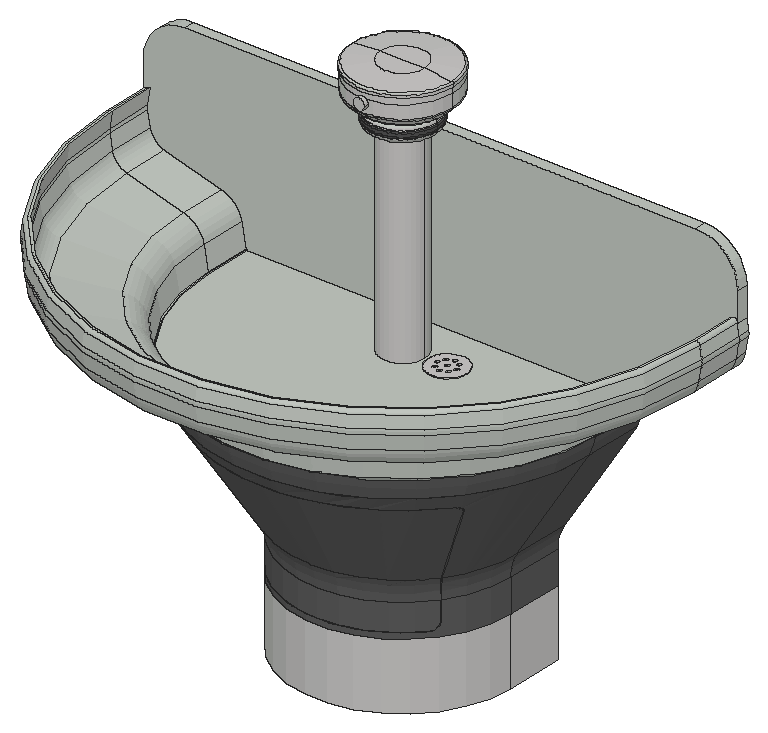
Revit family "Washfountain_Lavatory-Bradley_Corp-TDB3104-Type_A_Drain", category Plumbing Fixtures, Revit 2012 (continued)
Automatic sketch dimensions
  Masking region 20 sketch curve to Masking region 20 sketch curve = 0.9992"
  Masking region 20 sketch curve to Masking region 20 sketch curve = 0.05503"
  Masking region 10 sketch curve to curve 76 = 0.000"
  curve 76 to Masking region 10 sketch curve = 0.06766"
  curve 76 to Masking region 10 sketch curve = 0.24582"
  Masking region 10 sketch curve to Masking region 10 sketch curve = 4.00418"
  Masking region 10 sketch curve to Masking region 10 sketch curve = 1.93551"
  Masking region 10 sketch curve to Masking region 10 sketch curve = 2.26828"
  Masking region 10 sketch curve to Masking region 10 sketch curve = 1.96371"
  Masking region 10 sketch curve to Masking region 10 sketch curve = 0.06777"
  Masking region 10 sketch curve to Masking region 10 sketch curve = 0.05262"
  Masking region 10 sketch curve to Masking region 10 sketch curve = 0.05237"
  Masking region 10 sketch curve to Masking region 10 sketch curve = 0.04824"
  curve 76 to Masking region 10 sketch curve = 0.37547"
  Masking region 10 sketch curve to Masking region 10 sketch curve = 0.1256"
  Masking region 10 sketch curve to curve 76 = 6.000"
  Masking region 10 sketch curve to Masking region 10 sketch curve = 1.14812"
  Masking region 10 sketch curve to Masking region 10 sketch curve = 0.60673"
  Masking region 10 sketch curve to Masking region 10 sketch curve = 1.250"  (x3)
  Masking region 10 sketch curve to Masking region 10 sketch curve = 0.62453"
  Revolve 21 sketch curve to curve 93 = 0.000"
  curve 93 to Revolve 21 sketch curve = 2.34747"
  curve 93 to Revolve 21 sketch curve = 17.3806"
  Revolve 21 sketch curve to Revolve 21 sketch curve = 0.8244"
  curve 93 to Revolve 21 sketch curve = 4.14039"
  Revolve 21 sketch curve to Revolve 21 sketch curve = 0.6261"
  curve 93 to Revolve 21 sketch curve = 3.69531"
  Revolve 21 sketch curve to Revolve 21 sketch curve = 0.44508"
  Revolve 21 sketch curve to Revolve 21 sketch curve = 0.46258"
  Revolve 21 sketch curve to Revolve 21 sketch curve = 2.66242"
  Revolve 21 sketch curve to Revolve 21 sketch curve = 0.000"  (x2)
  Revolve 21 sketch curve to Revolve 21 sketch curve = 0.05225"
  Revolve 21 sketch curve to Revolve 21 sketch curve = 0.49985"
  Revolve 21 sketch curve to Revolve 21 sketch curve = 0.64475"
  curve 93 to Revolve 22 sketch curve = 0.33431"
  curve 93 to Revolve 22 sketch curve = 17.3806"
  Revolve 22 sketch curve to Revolve 22 sketch curve = 0.0755"
  curve 93 to Revolve 22 sketch curve = 0.19977"
  Revolve 22 sketch curve to Revolve 22 sketch curve = 0.12394"
  curve 93 to Revolve 22 sketch curve = 2.4951"
  Revolve 22 sketch curve to Revolve 22 sketch curve = 0.07322"  (x2)
  Revolve 22 sketch curve to Revolve 22 sketch curve = 0.17678"  (x2)
  Revolve 22 sketch curve to Revolve 22 sketch curve = 0.60355"
  Revolve 22 sketch curve to Revolve 22 sketch curve = 0.52145"
  Revolve 22 sketch curve to Revolve 22 sketch curve = 0.090"  (x2)
  Revolve 22 sketch curve to Revolve 22 sketch curve = 0.00375"  (x2)
  Revolve 22 sketch curve to Revolve 22 sketch curve = 0.345"  (x2)
  Revolve 22 sketch curve to curve 93 = 0.00105"
  Revolve 22 sketch curve to Revolve 22 sketch curve = 2.44356"
  Revolve 22 sketch curve to Revolve 22 sketch curve = 2.008"
  Revolve 22 sketch curve to Revolve 22 sketch curve = 0.000"  (x2)
  Revolve 22 sketch curve to Revolve 22 sketch curve = 0.59145"
  Revolve 22 sketch curve to Revolve 22 sketch curve = 0.11758"
  Revolve 22 sketch curve to Revolve 22 sketch curve = 0.3125"
  Revolve 22 sketch curve to Revolve 22 sketch curve = 0.10008"
  Revolve 22 sketch curve to Revolve 22 sketch curve = 0.780"
  Revolve 22 sketch curve to Revolve 22 sketch curve = 0.23564"
  Revolve 22 sketch curve to Revolve 22 sketch curve = 1.250"
  curve 78 to Extrusion 24 sketch curve = 17.88289"
  Extrusion 24 sketch curve to Extrusion 24 sketch curve = 0.30809"  (x2)
  Extrusion 24 sketch curve to Extrusion 24 sketch curve = 11.61805"
  Masking region 12 sketch curve to curve 76 = 0.000"
  curve 76 to Masking region 12 sketch curve = 0.06766"
  curve 76 to Masking region 12 sketch curve = 0.24582"
  Masking region 12 sketch curve to Masking region 12 sketch curve = 4.00418"
  Masking region 12 sketch curve to Masking region 12 sketch curve = 3.89922"
  Masking region 12 sketch curve to Masking region 12 sketch curve = 0.36971"
  curve 76 to Masking region 12 sketch curve = 6.000"
  Masking region 12 sketch curve to curve 76 = 6.000"
  Masking region 12 sketch curve to curve 76 = 8.336"
  Revolve 26 sketch curve to plane 3 "Center (Left/Right)" = 0.000"  (x2)
  Revolve 26 sketch curve to plane 3 "Center (Left/Right)" = 5.80902"
  Revolve 26 sketch curve to Revolve 26 sketch curve = 0.30809"
  plane 8 "Sensor Module" to Revolve 26 sketch curve = 1.125"
  plane 7 "Soap Dispenser" to Revolve 26 sketch curve = 2.000"
  Masking region 13 sketch curve to curve 78 = 0.000"
  curve 78 to Masking region 13 sketch curve = 17.82127"
  Masking region 13 sketch curve to Masking region 13 sketch curve = 0.36971"  (x2)
  Masking region 13 sketch curve to Masking region 13 sketch curve = 3.80902"  (x2)
  Masking region 13 sketch curve to Masking region 13 sketch curve = 4.000"
  Masking region 13 sketch curve to Masking region 13 sketch curve = 2.336"
  curve 78 to Masking region 14 sketch curve = 0.0051"
  curve 78 to Masking region 14 sketch curve = 1.000"
  Masking region 14 sketch curve to Masking region 14 sketch curve = 0.12469"
  Masking region 14 sketch curve to Masking region 14 sketch curve = 0.04799"  (x2)
  Masking region 14 sketch curve to Masking region 14 sketch curve = 0.05262"  (x4)
  Masking region 14 sketch curve to Masking region 14 sketch curve = 0.06777"  (x2)
  Masking region 14 sketch curve to Masking region 14 sketch curve = 1.97625"
  Masking region 14 sketch curve to Masking region 14 sketch curve = 1.96945"
  Masking region 14 sketch curve to Masking region 14 sketch curve = 1.83957"
  Masking region 14 sketch curve to Masking region 14 sketch curve = 4.000"
  Masking region 14 sketch curve to Masking region 14 sketch curve = 1.85542"
  Masking region 14 sketch curve to Masking region 14 sketch curve = 2.18569"
  Masking region 14 sketch curve to Masking region 14 sketch curve = 1.9536"
  Masking region 14 sketch curve to Masking region 14 sketch curve = 0.1256"
  Masking region 14 sketch curve to Masking region 14 sketch curve = 0.64327"
  curve 78 to Masking region 14 sketch curve = 1.64327"
  Masking region 14 sketch curve to Masking region 14 sketch curve = 1.250"  (x6)
  Masking region 14 sketch curve to Masking region 14 sketch curve = 0.60673"  (x2)
  Masking region 14 sketch curve to Masking region 14 sketch curve = 0.69646"
  Masking region 14 sketch curve to Masking region 14 sketch curve = 1.19222"
  Masking region 14 sketch curve to Masking region 14 sketch curve = 1.63954"
  Masking region 14 sketch curve to Masking region 14 sketch curve = 0.64012"
  curve 78 to curve 86 = 0.375"
  curve 78 to curve 86 = 17.84438"
  curve 86 to curve 87 = 0.1256"
  curve 87 to curve 88 = 0.04799"
  curve 88 to curve 89 = 0.05262"
  curve 89 to curve 90 = 0.05262"
  curve 90 to curve 91 = 0.06777"
  curve 91 to curve 92 = 3.80902"
  curve 92 to curve 92 = 4.000"
  curve 92 to curve 91 = 3.82464"
  curve 91 to curve 90 = 0.05216"
  curve 90 to curve 89 = 0.05262"
  curve 89 to curve 88 = 0.05262"
  curve 88 to curve 87 = 0.04799"
  curve 87 to curve 86 = 0.1256"
  curve 87 to curve 86 = 0.625"
  curve 88 to curve 87 = 0.64327"
  curve 89 to curve 88 = 1.250"
  curve 90 to curve 89 = 1.250"
  curve 91 to curve 90 = 1.250"
  curve 92 to curve 91 = 0.60673"
  curve 117 to curve 123 = 6.03209"
  curve 117 to curve 123 = 0.1374"
  curve 122 to curve 120 = 1.91103"
  curve 118 to plane 11 "Pedestal Height" = 4.11066"
  curve 120 to curve 121 = 3.37372"
  curve 121 to curve 118 = 0.4143"
  curve 123 to curve 118 = 0.32395"
  curve 122 to curve 118 = 8.23389"
  curve 121 to curve 122 = 1.64456"
  curve 121 to curve 121 = 0.15272"
  curve 75 to curve 126 = 14.06648"
  curve 38 to curve 37 = 0.48269"
  curve 28 to curve 32 = 2.97915"
  curve 32 to curve 32 = 3.28041"
  plane 3 "Center (Left/Right)" to curve 36 = 7.33372"
  curve 128 to curve 87 = 0.08709"
  curve 87 to curve 129 = 0.08709"
  Extrusion 18 sketch curve to Extrusion 18 sketch curve = 2.250"
  curve 26 to Extrusion 18 = 0.000"  (x3)
  curve 130 to Extrusion 18 = 2.60156"
  curve 130 to curve 130 = 1.000"
  Extrusion 18 to curve 130 = 1.95703"
  curve 27 to Extrusion 19 = 0.000"  (x3)
  curve 131 to Extrusion 19 = 2.60156"
  curve 131 to curve 131 = 1.000"
  Extrusion 19 to curve 131 = 1.95703"
  curve 115 to curve 125 = 0.750"
  curve 115 to curve 116 = 13.81241"
  curve 115 to curve 116 = 13.97075"
  curve 116 to curve 125 = 7.08673"
  curve 115 to curve 116 = 13.19587"
  curve 116 to curve 116 = 0.80228"
  curve 132 to curve 116 = 3.000"
  Extrusion 27 sketch curve to plane 3 "Center (Left/Right)" = 0.000"
  plane 1 "Center (Front/Back)" to Extrusion 27 sketch curve = 5.250"
  Masking region 21 sketch curve to plane 1 "Center (Front/Back)" = 0.000"
  Masking region 21 sketch curve to plane 3 "Center (Left/Right)" = 0.000"
  Masking region 21 sketch curve to plane 5 "Right" = 0.0193"
  Masking region 21 sketch curve to Masking region 21 sketch curve = 5.250"
  Masking region 22 sketch curve to plane 3 "Center (Left/Right)" = 0.000"
  plane 1 "Center (Front/Back)" to Masking region 22 sketch curve = 0.6745"
  Masking region 22 sketch curve to Masking region 22 sketch curve = 4.5755"
  Masking region 23 sketch curve to plane 3 "Center (Left/Right)" = 3.52868"
  Masking region 23 sketch curve to plane 3 "Center (Left/Right)" = 9.02868"
  Masking region 23 sketch curve to plane 3 "Center (Left/Right)" = 0.06458"
  Masking region 23 sketch curve to Masking region 23 sketch curve = 2.000"  (x3)
  plane 3 "Center (Left/Right)" to Masking region 23 sketch curve = 0.06458"
  plane 3 "Center (Left/Right)" to Masking region 23 sketch curve = 3.52868"
  plane 1 "Center (Front/Back)" to Masking region 23 sketch curve = 2.11186"  (x2)
  Masking region 23 sketch curve to Masking region 23 sketch curve = 3.4641"
  Masking region 23 sketch curve to Masking region 23 sketch curve = 3.57574"
  Masking region 23 sketch curve to Masking region 23 sketch curve = 0.11164"  (x2)
  Masking region 23 sketch curve to plane 3 "Center (Left/Right)" = 0.000"
  plane 1 "Center (Front/Back)" to Masking region 23 sketch curve = 5.250"
  plane 1 "Center (Front/Back)" to Masking region 23 sketch curve = 2.04741"
  curve 151 to plane 3 "Center (Left/Right)" = 1.58013"
  plane 1 "Center (Front/Back)" to curve 151 = 2.98686"
  curve 151 to plane 3 "Center (Left/Right)" = 7.08013"
  curve 151 to curve 151 = 9.52628"
  curve 152 to plane 3 "Center (Left/Right)" = 0.06458"
  plane 1 "Center (Front/Back)" to curve 152 = 2.11186"
  curve 152 to curve 151 = 1.51554"
  curve 152 to curve 151 = 0.875"
  plane 3 "Center (Left/Right)" to curve 153 = 0.06458"
  plane 1 "Center (Front/Back)" to curve 153 = 2.11186"
  plane 3 "Center (Left/Right)" to curve 153 = 5.56458"
  curve 153 to curve 152 = 0.000"
  plane 1 "Center (Front/Back)" to curve 154 = 2.98686"
  curve 154 to curve 153 = 1.51554"
  plane 3 "Center (Left/Right)" to curve 154 = 1.58013"
  curve 153 to curve 154 = 0.875"
  Masking region 24 sketch curve to plane 3 "Center (Left/Right)" = 6.17873"
  plane 1 "Center (Front/Back)" to Masking region 24 sketch curve = 3.06766"
  Masking region 24 sketch curve to plane 3 "Center (Left/Right)" = 0.000"
  Masking region 24 sketch curve to Masking region 24 sketch curve = 2.27254"
  plane 1 "Center (Front/Back)" to curve 155 = 3.06766"
  curve 155 to curve 155 = 2.27254"
  curve 156 to plane 3 "Center (Left/Right)" = 0.000"
  curve 156 to curve 156 = 4.17808"
  curve 157 to curve 156 = 2.27254"
  Masking region 15 sketch curve to curve 93 = 0.000"
  curve 93 to Masking region 15 sketch curve = 17.3806"
  Masking region 15 sketch curve to Masking region 15 sketch curve = 0.8244"  (x3)
  curve 93 to Masking region 15 sketch curve = 4.64024"
  Masking region 15 sketch curve to Masking region 15 sketch curve = 0.6261"  (x2)
  curve 93 to Masking region 15 sketch curve = 3.69531"  (x2)
  Masking region 15 sketch curve to Masking region 15 sketch curve = 0.44508"  (x2)
  Masking region 15 sketch curve to Masking region 15 sketch curve = 0.46258"
  curve 93 to Masking region 15 sketch curve = 5.10281"
  Masking region 15 sketch curve to Masking region 15 sketch curve = 0.67992"  (x2)
  Masking region 15 sketch curve to Masking region 15 sketch curve = 4.000"
  Masking region 15 sketch curve to Masking region 15 sketch curve = 0.66242"
  curve 93 to Masking region 15 sketch curve = 4.14039"
  curve 93 to Masking region 15 sketch curve = 2.34747"
  Masking region 15 sketch curve to Masking region 15 sketch curve = 0.49985"  (x2)
  Masking region 15 sketch curve to Masking region 15 sketch curve = 0.96851"
  Masking region 15 sketch curve to Masking region 15 sketch curve = 0.52344"
  curve 93 to Masking region 25 sketch curve = 19.9561"
  Masking region 25 sketch curve to Masking region 25 sketch curve = 4.000"
  curve 93 to Masking region 25 sketch curve = 13.414"
  Masking region 25 sketch curve to Masking region 25 sketch curve = 8.31119"
  Masking region 26 sketch curve to plane 9 "Spray Head" = 1.40781"
  plane 1 "Center (Front/Back)" to Masking region 26 sketch curve = 7.250"
  plane 1 "Center (Front/Back)" to Masking region 26 sketch curve = 3.250"
  Masking region 26 sketch curve to Masking region 26 sketch curve = 8.31119"
  curve 78 to Extrusion 23 sketch curve = 0.375"  (x2)
  curve 78 to Extrusion 23 sketch curve = 17.84438"
  Extrusion 23 sketch curve to Extrusion 23 sketch curve = 0.1256"  (x2)
  Extrusion 23 sketch curve to Extrusion 23 sketch curve = 0.04799"  (x2)
  Extrusion 23 sketch curve to Extrusion 23 sketch curve = 0.05262"  (x4)
  Extrusion 23 sketch curve to Extrusion 23 sketch curve = 0.06777"  (x2)
  Extrusion 23 sketch curve to curve 78 = 0.000"
  Extrusion 23 sketch curve to Extrusion 23 sketch curve = 1.97754"
  Extrusion 23 sketch curve to Extrusion 23 sketch curve = 2.0248"  (x2)
  Extrusion 23 sketch curve to Extrusion 23 sketch curve = 7.56845"
  Extrusion 23 sketch curve to Extrusion 23 sketch curve = 0.39386"
  Extrusion 23 sketch curve to Extrusion 23 sketch curve = 0.60673"  (x2)
  Extrusion 23 sketch curve to Extrusion 23 sketch curve = 1.250"  (x6)
  Extrusion 23 sketch curve to Extrusion 23 sketch curve = 0.625"
  Extrusion 23 sketch curve to Extrusion 23 sketch curve = 0.64327"
  curve 163 to plane 13 = 0.000"
  curve 78 to plane 1 "Center (Front/Back)" = 0.000"
  curve 78 to plane 4 "Left" = 0.000"
  curve 163 to plane 4 "Left" = 0.000"
  plane 4 "Left" to curve 78 = 3.000"
  curve 163 to curve 163 = 5.000"
  curve 76 to curve 163 = 2.3402"
  Revolve 25 sketch curve to curve 163 = 0.000"
  curve 163 to Revolve 25 sketch curve = 15.84438"
  Revolve 25 sketch curve to Revolve 25 sketch curve = 0.1256"
  Revolve 25 sketch curve to Revolve 25 sketch curve = 0.04799"
  Revolve 25 sketch curve to Revolve 25 sketch curve = 0.05262"  (x2)
  Revolve 25 sketch curve to Revolve 25 sketch curve = 0.06777"
  Revolve 25 sketch curve to Revolve 25 sketch curve = 1.97754"
  Revolve 25 sketch curve to Revolve 25 sketch curve = 2.0248"
  Revolve 25 sketch curve to Revolve 25 sketch curve = 4.17808"
  Revolve 25 sketch curve to Revolve 25 sketch curve = 0.000"
  Revolve 25 sketch curve to Revolve 25 sketch curve = 4.31808"
  Revolve 25 sketch curve to Revolve 25 sketch curve = 0.60673"
  Revolve 25 sketch curve to Revolve 25 sketch curve = 1.250"  (x2)
  Revolve 25 sketch curve to Revolve 25 sketch curve = 0.64327"
  Revolve 25 sketch curve to curve 163 = 3.000"
  curve 123 to curve 123 = 0.88737"
  curve 121 to curve 119 = 0.80829"
  curve 76 to curve 79 = 0.06766"
  curve 76 to curve 84 = 0.06766"
  curve 76 to curve 80 = 0.06766"
  curve 76 to curve 83 = 0.06766"
  curve 76 to curve 81 = 0.06766"
  curve 76 to curve 82 = 0.06766"
  curve 76 to curve 85 = 0.24582"
  curve 85 to curve 85 = 4.00418"
  curve 85 to curve 84 = 3.89922"
  curve 84 to curve 83 = 0.06777"
  curve 83 to curve 82 = 0.05262"
  curve 82 to curve 81 = 0.05237"
  curve 81 to curve 79 = 0.13532"
  curve 79 to curve 80 = 0.03851"
  curve 85 to curve 76 = 6.000"
  curve 85 to curve 84 = 0.60673"
  curve 84 to curve 83 = 1.250"
  curve 83 to curve 82 = 1.250"
  curve 82 to curve 81 = 1.250"
  curve 79 to curve 76 = 1.000"
  curve 76 to curve 80 = 0.37547"
  curve 75 to curve 126 = 13.80112"
  curve 126 to curve 126 = 6.43074"
  curve 75 to curve 126 = 11.80099"
  curve 126 to curve 126 = 0.51104"
  curve 70 to curve 74 = 0.000"
  curve 71 to curve 74 = 0.000"
  curve 74 to curve 70 = 16.43542"
  curve 70 to curve 72 = 3.56458"
  curve 72 to curve 73 = 4.000"
  curve 73 to curve 71 = 3.56458"
  curve 72 to curve 72 = 12.56207"
  curve 73 to curve 71 = 1.1875"
  curve 72 to curve 70 = 1.1875"
  curve 164 to curve 74 = 0.000"
  curve 165 to curve 74 = 0.000"
  curve 166 to curve 72 = 0.000"
  curve 72 to curve 164 = 0.000"
  curve 73 to curve 167 = 0.000"
  curve 165 to curve 73 = 0.000"
  curve 165 to curve 73 = 0.500"
  curve 70 to curve 171 = 1.06293"
  curve 169 to curve 168 = 0.500"
  curve 167 to curve 167 = 0.6875"
  curve 166 to curve 166 = 0.6875"
  Extrusion 28 sketch curve to plane 3 "Center (Left/Right)" = 5.45295"
  Extrusion 28 sketch curve to plane 3 "Center (Left/Right)" = 0.06458"
  plane 1 "Center (Front/Back)" to Extrusion 28 sketch curve = 2.11186"  (x2)
  Extrusion 28 sketch curve to Extrusion 28 sketch curve = 0.11164"  (x2)
  plane 3 "Center (Left/Right)" to Extrusion 28 sketch curve = 0.06458"
  plane 1 "Center (Front/Back)" to Extrusion 28 sketch curve = 2.04741"
  Extrusion 28 sketch curve to plane 3 "Center (Left/Right)" = 0.000"
  Extrusion 28 sketch curve to plane 13 = 0.0902"
  Extrusion 28 sketch curve to Extrusion 28 sketch curve = 2.000"
  Masking region 6 sketch curve to curve 23 = 0.000"  (x2)
  curve 23 to Masking region 6 sketch curve = 1.375"  (x2)
  Masking region 6 sketch curve to curve 23 = 27.16612"
  Masking region 6 sketch curve to Masking region 6 sketch curve = 1.94856"  (x2)
  Masking region 6 sketch curve to Masking region 6 sketch curve = 3.4641"
  Masking region 6 sketch curve to Masking region 6 sketch curve = 3.56458"  (x2)
  Masking region 6 sketch curve to Masking region 6 sketch curve = 4.000"  (x2)
  Masking region 6 sketch curve to curve 23 = 14.625"
  Masking region 6 sketch curve to Masking region 6 sketch curve = 13.250"
  Masking region 6 sketch curve to Masking region 6 sketch curve = 0.6875"
  Masking region 6 sketch curve to Masking region 6 sketch curve = 0.000"
  Masking region 6 sketch curve to Masking region 6 sketch curve = 1.000"
  Masking region 6 sketch curve to Masking region 6 sketch curve = 5.08013"  (x2)
  Masking region 6 sketch curve to curve 23 = 4.396"
  Masking region 11 sketch curve to curve 77 = 0.000"  (x2)
  curve 77 to Masking region 11 sketch curve = 2.11186"
  Masking region 11 sketch curve to curve 77 = 1.750"
  curve 77 to Masking region 11 sketch curve = 2.250"  (x2)
  Masking region 11 sketch curve to Masking region 11 sketch curve = 5.26314"
  Masking region 11 sketch curve to curve 77 = 1.375"
  Masking region 11 sketch curve to Masking region 11 sketch curve = 1.125"
  Masking region 11 sketch curve to curve 77 = 4.396"
  curve 77 to Masking region 11 sketch curve = 14.625"
  Masking region 11 sketch curve to Masking region 11 sketch curve = 0.6875"
  curve 77 to Masking region 11 sketch curve = 15.3125"
  Masking region 11 sketch curve to Masking region 11 sketch curve = 1.13814"
  Masking region 11 sketch curve to Masking region 11 sketch curve = 1.000"
  Masking region 11 sketch curve to Masking region 11 sketch curve = 2.000"
  curve 55 to curve 41 = 0.000"
  curve 42 to curve 41 = 1.375"
  curve 41 to curve 42 = 15.10875"
  curve 45 to curve 68 = 0.000"
  curve 42 to curve 64 = 0.97689"
  curve 65 to curve 64 = 0.000"  (x2)
  curve 42 to curve 56 = 1.19195"
  curve 56 to curve 57 = 0.55422"
  curve 58 to curve 41 = 0.28075"
  curve 57 to curve 58 = 0.55422"
  curve 58 to curve 57 = 0.10867"
  curve 45 to curve 68 = 2.750"
  curve 59 to curve 68 = 0.41612"
  curve 59 to curve 59 = 0.10867"
  curve 59 to curve 59 = 0.55422"  (x2)
  curve 58 to curve 55 = 0.72769"
  curve 44 to curve 54 = 1.52868"
  curve 55 to curve 43 = 0.41987"
  curve 54 to curve 46 = 1.93542"
  curve 47 to curve 48 = 0.12917"
  curve 48 to curve 51 = 1.51554"
  curve 51 to curve 55 = 0.41987"
  curve 48 to curve 54 = 1.93542"
  curve 55 to curve 61 = 0.6198"
  curve 61 to curve 61 = 0.10868"
  curve 61 to curve 61 = 0.55428"
  curve 54 to curve 49 = 1.52868"
  curve 69 to curve 60 = 0.30835"
  curve 69 to curve 67 = 0.97815"
  curve 66 to curve 67 = 0.000"  (x2)
  curve 49 to curve 69 = 2.750"
  curve 63 to curve 41 = 0.28109"
  curve 69 to curve 63 = 0.45004"
  curve 63 to curve 63 = 0.55428"  (x2)
  curve 63 to curve 63 = 0.10868"
  curve 69 to curve 53 = 2.750"
  curve 58 to curve 57 = 0.04026"
  curve 61 to curve 61 = 0.04027"
  curve 62 to curve 69 = 1.09391"
  curve 69 to curve 67 = 2.59985"
  curve 42 to curve 64 = 2.60219"
  curve 66 to curve 66 = 2.000"
  curve 67 to curve 66 = 0.000"
  curve 64 to curve 65 = 2.000"
  curve 64 to curve 65 = 0.000"
  curve 66 to curve 69 = 6.90015"
  curve 64 to curve 68 = 7.14781"
  curve 69 to curve 49 = 1.750"
  curve 68 to curve 45 = 1.500"
  curve 49 to curve 49 = 0.6875"
  curve 136 to curve 77 = 0.000"
  curve 77 to curve 133 = 2.11186"
  curve 136 to curve 77 = 2.01314"
  curve 133 to curve 144 = 1.13814"
  curve 134 to curve 77 = 0.88814"
  curve 141 to curve 77 = 0.8822"
  curve 141 to curve 142 = 0.39728"
  curve 141 to curve 77 = 0.16493"
  curve 77 to curve 140 = 0.15505"
  curve 77 to curve 139 = 0.8067"
  curve 77 to curve 144 = 2.250"
  curve 144 to curve 138 = 1.625"
  curve 142 to curve 77 = 0.28075"
  curve 142 to curve 138 = 2.19381"
  curve 143 to curve 143 = 0.31998"  (x2)
  curve 143 to curve 143 = 0.39728"
  curve 138 to curve 134 = 4.76314"
  curve 141 to curve 141 = 0.17192"
  curve 143 to curve 137 = 0.48399"
  curve 77 to curve 139 = 3.97656"
  curve 77 to curve 139 = 4.97656"
  curve 77 to curve 138 = 12.875"
  curve 138 to curve 134 = 1.750"
  curve 133 to curve 144 = 0.6875"
  curve 133 to curve 144 = 0.000"
  curve 127 to plane 10 "Rim Height" = 0.000"
  curve 146 to plane 3 "Center (Left/Right)" = 0.000"
  curve 161 to plane 3 "Center (Left/Right)" = 0.000"
  plane 11 "Pedestal Height" to curve 146 = 1.2109"  (x2)
  curve 146 to plane 5 "Right" = 7.26529"
  curve 161 to curve 146 = 0.15796"
  curve 127 to plane 5 "Right" = 0.19211"
  plane 4 "Left" to curve 127 = 0.19211"
  curve 146 to curve 162 = 2.89551"
  curve 161 to curve 146 = 142.79964"
  curve 117 to plane 12 = 10.9722"
  curve 122 to curve 123 = 1.80577"
  plane 13 to Masking region 9 sketch curve = 9.6598"
  Masking region 9 sketch curve to plane 12 = 10.10815"
  plane 7 "Soap Dispenser" to curve 161 = 99.72413"
  Extrusion 8 sketch curve to plane 3 "Center (Left/Right)" = 0.000"
  Extrusion 8 sketch curve to plane 13 = 0.0902"
  plane 4 "Left" to Extrusion 8 sketch curve = 9.50758"
  Extrusion 8 sketch curve to plane 13 = 0.09385"
  plane 3 "Center (Left/Right)" to Extrusion 8 sketch curve = 4.000"
  plane 1 "Center (Front/Back)" to Extrusion 8 sketch curve = 0.99695"
  curve 148 to curve 159 = 0.000"  (x2)
  curve 172 to curve 173 = 0.000"  (x2)
  curve 172 to curve 174 = 0.000"  (x2)
  curve 148 to plane 3 "Center (Left/Right)" = 0.000"
  curve 172 to plane 13 = 0.09385"
  curve 160 to plane 13 = 0.0902"
  curve 160 to plane 5 "Right" = 10.57205"
  curve 150 to plane 5 "Right" = 0.5193"
  curve 147 to plane 5 "Right" = 0.0193"
  plane 4 "Left" to curve 147 = 0.0193"
  plane 1 "Center (Front/Back)" to curve 149 = 0.99695"
  curve 177 to plane 13 = 0.09385"
  curve 181 to plane 13 = 0.09385"
  plane 3 "Center (Left/Right)" to curve 177 = 4.87771"
  curve 177 to curve 178 = 0.25708"
  curve 177 to curve 176 = 0.25708"
  curve 176 to curve 172 = 0.62063"
  curve 176 to curve 175 = 0.62063"
  curve 178 to curve 179 = 0.62063"
  curve 179 to curve 180 = 0.62063"
  curve 175 to curve 182 = 0.62063"
  curve 182 to curve 181 = 0.25708"
  curve 175 to curve 172 = 0.87771"
  curve 176 to curve 177 = 0.62063"
  curve 182 to curve 181 = 0.62063"
  plane 13 to curve 178 = 0.52678"
  plane 13 to curve 180 = 0.52678"
  curve 180 to curve 179 = 0.25708"
  Split face 3 sketch curve to cut or joined group of Extrusion 23, Revolve 25 = 0.000"  (x3)
  Revolve 31 sketch curve to curve 163 = 0.000"
  Revolve 31 sketch curve to Revolve 31 sketch curve = 0.000"
  curve 163 to Revolve 31 sketch curve = 1.000"
  Revolve 31 sketch curve to Revolve 31 sketch curve = 6.11711"
  Revolve 31 sketch curve to Revolve 31 sketch curve = 0.06162"
  Revolve 31 sketch curve to Revolve 31 sketch curve = 1.09645"
  Revolve 31 sketch curve to curve 163 = 1.30227"
  Extrusion 32 sketch curve to curve 163 = 0.000"
  curve 163 to Extrusion 32 sketch curve = 15.82127"
  Extrusion 32 sketch curve to Extrusion 32 sketch curve = 0.06162"  (x2)
  Extrusion 32 sketch curve to Extrusion 32 sketch curve = 12.23423"
  curve 93 to Extrusion 33 sketch curve = 1.45871"
  curve 93 to Extrusion 33 sketch curve = 21.9561"
  curve 93 to Extrusion 34 sketch curve = 1.45871"
  curve 93 to Extrusion 34 sketch curve = 21.9561"
  curve 104 to Masking region 27 sketch curve = 0.95871"
  Masking region 27 sketch curve to curve 104 = 4.91915"
  Masking region 27 sketch curve to Masking region 27 sketch curve = 0.34365"
  Masking region 27 sketch curve to Masking region 27 sketch curve = 1.000"
  curve 104 to Masking region 28 sketch curve = 1.20871"
  Masking region 28 sketch curve to curve 104 = 4.5755"
  Masking region 28 sketch curve to Masking region 28 sketch curve = 0.0755"
  Masking region 28 sketch curve to Masking region 28 sketch curve = 0.500"
  curve 104 to plane 4 "Left" = 0.000"
  curve 93 to plane 13 = 0.0902"
  plane 4 "Left" to curve 93 = 5.0439"
  curve 183 to plane 3 "Center (Left/Right)" = 4.221"
  plane 3 "Center (Left/Right)" to curve 183 = 4.779"
  plane 1 "Center (Front/Back)" to curve 104 = 1.250"
  plane 12 to curve 183 = 12.16265"
  curve 183 to curve 184 = 1.45871"
  curve 183 to curve 184 = 4.221"
  curve 185 to plane 3 "Center (Left/Right)" = 0.000"
  curve 185 to plane 13 = 0.0902"
  plane 3 "Center (Left/Right)" to Extrusion 30 sketch curve = 1.500"
  plane 3 "Center (Left/Right)" to Extrusion 30 sketch curve = 0.500"
  Extrusion 30 sketch curve to plane 11 "Pedestal Height" = 11.500"
  Extrusion 30 sketch curve to Extrusion 30 sketch curve = 3.000"
  Extrusion 30 sketch curve to Extrusion 30 sketch curve = 2.000"
  curve 93 to curve 94 = 2.34747"
  curve 93 to curve 94 = 17.3806"
  curve 93 to curve 95 = 0.56995"
  curve 94 to curve 95 = 0.0755"
  curve 94 to curve 100 = 1.4505"
  curve 101 to curve 100 = 0.000"
  curve 100 to curve 99 = 0.090"
  curve 101 to curve 98 = 0.090"
  curve 98 to curve 97 = 1.035"
  curve 96 to curve 97 = 0.000"  (x2)
  curve 97 to curve 97 = 4.000"
  curve 97 to curve 98 = 1.035"
  curve 99 to curve 98 = 0.000"
  curve 99 to curve 103 = 0.090"
  curve 98 to curve 102 = 0.090"
  curve 96 to curve 95 = 2.500"
  curve 95 to curve 94 = 0.0755"
  curve 96 to curve 94 = 0.8244"
  curve 97 to curve 96 = 0.52344"
  curve 101 to curve 97 = 0.44508"
  curve 99 to curve 98 = 0.49985"
  curve 124 to plane 1 "Center (Front/Back)" = 0.000"
  curve 145 to plane 6 "Towel Dispenser" = 0.000"
  curve 145 to plane 13 = 2.0902"
  plane 13 to curve 145 = 1.9098"
  curve 111 to plane 9 "Spray Head" = 0.44508"
  plane 13 to curve 111 = 2.9448"
  curve 111 to curve 111 = 0.090"
  plane 13 to curve 124 = 9.6598"
  level to curve 124 = 6.020"
  radius of Extrusion 14 sketch curve to Extrusion 8 = 0.000"
  radius of Extrusion 14 sketch curve to Extrusion 8 = 1.5658"
  radius of Extrusion 14 sketch curve = 0.1842"  (x8)
  radius of curve 22 to Extrusion 14 = 0.40649"
  radius of Extrusion 15 sketch curve = 2.000"
  radius of Extrusion 17 sketch curve = 2.000"
  radius of Extrusion 27 sketch curve = 2.000"
  radius of Extrusion 8 sketch curve = 1.750"
  radius of curve 172 = 1.750"
  radius of curve 173 = 1.34351"
  radius of curve 174 = 0.1842"
  radius of curve 182 = 0.1842"
  radius of curve 175 = 0.1842"
  radius of curve 176 = 0.1842"
  radius of curve 177 = 0.1842"
  radius of curve 178 = 0.1842"
  radius of curve 179 = 0.1842"
  radius of curve 180 = 0.1842"
  radius of curve 181 = 0.1842"
  radius of Extrusion 33 sketch curve = 0.500"
  radius of Extrusion 34 sketch curve = 0.250"
  radius of curve 184 = 0.500"
  radius of curve 185 = 3.750"
Connectors (in)
  piping at (-7.625, 0, 12), driven by "Hot Lavatory Inlet Primary Radius", driven by "HWFU"
    settings: on Extrusion 30, index 1, connector radius 1/2", flow factor 0, pipe flow 0.0 GPM, pressure drop 0.0 psi, fitting loss kfactor 0, connector angle 0.00°, fixture units 0, engagement length 0.000", flow configuration 3, flow direction 1, fitting loss method 0, system type 19, joint type 0, gender type 0, connector reference index -1, connector utility 0, adjustable connector no, is connector primary yes, fitting loss table "", connector description "Hot Lavatory Inlet Primary"
  piping at (7.625, 0, 12), driven by "Cold Lavatory Inlet Primary Radius", driven by "CWFU"
    settings: on Extrusion 30, index 2, connector radius 1/2", flow factor 0, pipe flow 0.0 GPM, pressure drop 0.0 psi, fitting loss kfactor 0, connector angle 0.00°, fixture units 0, engagement length 0.000", flow configuration 3, flow direction 1, fitting loss method 0, system type 20, joint type 0, gender type 0, connector reference index -1, connector utility 0, adjustable connector no, is connector primary no, fitting loss table "", connector description "Cold Lavatory Inlet Primary"
  piping at (4, 0, 13.25), driven by "Drain Primary Radius", driven by "WFU"
    settings: on Extrusion 36, index 3, connector radius 1", flow factor 0, pipe flow 0.0 GPM, pressure drop 0.0 psi, fitting loss kfactor 0, connector angle 0.00°, fixture units 0, engagement length 0.000", flow configuration 3, flow direction 2, fitting loss method 0, system type 16, joint type 0, gender type 0, connector reference index -1, connector utility 0, adjustable connector yes, is connector primary no, fitting loss table "", connector description "Drain Primary"
  piping at (-7.625, -2, 0), driven by "Hot Lavatory Inlet Secondary Radius", driven by "HWFU"
    settings: on Extrusion 29, index 4, connector radius 1/2", flow factor 0, pipe flow 0.0 GPM, pressure drop 0.0 psi, fitting loss kfactor 0, connector angle 0.00°, fixture units 0, engagement length 0.000", flow configuration 3, flow direction 1, fitting loss method 0, system type 19, joint type 0, gender type 0, connector reference index -1, connector utility 0, adjustable connector no, is connector primary no, fitting loss table "", connector description "Hot Lavatory Inlet Secondary"
  piping at (7.625, -2, 0), driven by "Cold Lavatory Inlet Secondary Radius", driven by "CWFU"
    settings: on Extrusion 29, index 5, connector radius 1/2", flow factor 0, pipe flow 0.0 GPM, pressure drop 0.0 psi, fitting loss kfactor 0, connector angle 0.00°, fixture units 0, engagement length 0.000", flow configuration 3, flow direction 1, fitting loss method 0, system type 20, joint type 0, gender type 0, connector reference index -1, connector utility 0, adjustable connector no, is connector primary no, fitting loss table "", connector description "Cold Lavatory Inlet Secondary"
  piping at (4, -5.25, 0), driven by "Drain Secondary Radius", driven by "WFU"
    settings: on Extrusion 35, index 6, connector radius 1", flow factor 0, pipe flow 0.0 GPM, pressure drop 0.0 psi, fitting loss kfactor 0, connector angle 0.00°, fixture units 0, engagement length 0.000", flow configuration 3, flow direction 2, fitting loss method 0, system type 16, joint type 0, gender type 0, connector reference index -1, connector utility 0, adjustable connector yes, is connector primary no, fitting loss table "", connector description "Drain Secondary"
  electrical at (1, 0, 8), driven by "Voltage"
    settings: on Extrusion 30, index 7, voltage 110 V, apparent load 0 VA, apparent load phase1 0 VA, apparent load phase2 0 VA, apparent load phase3 0 VA, power factor 1, load classification "Other", number of poles 1, system type 31, power factor state 1, is connector primary yes, connector utility no, sub classification motor no, connector description ""
Types (3): name | Towel Dispenser Height | Standard Height | Spray Head Height | Soap Dispenser Height | Sensor Module Height | Rim Height | Model ID | Juvenile Height
  (no name) | 51.810" | yes | 43.719" | 55.750" | 47.414" | 34.000" | 2 | no
  Juvenile | 47.810" | no | 39.719" | 51.250" | 43.414" | 30.000" | 1 | yes
  Standard | 51.810" | yes | 43.719" | 55.750" | 47.414" | 34.000" | 2 | no
